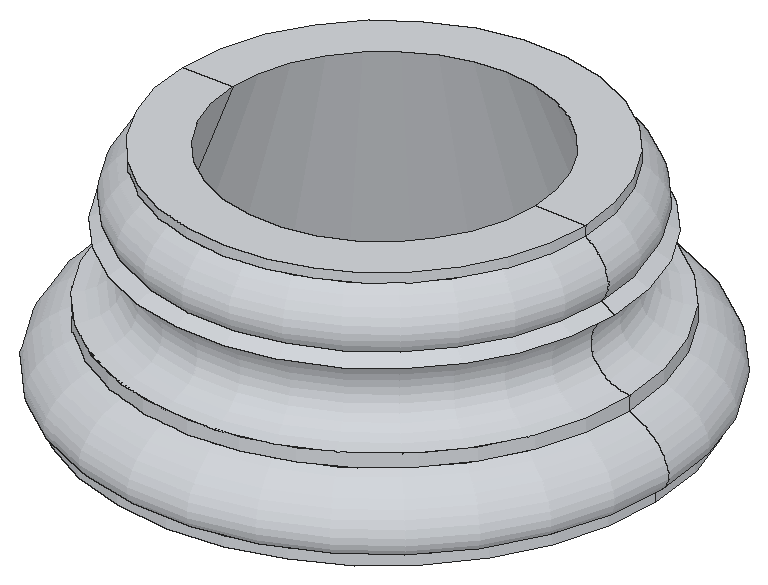
Revit family "OracDecor_K1152", category Обобщенные модели, Revit 2019
Family settings
  Может служить основой для арматурных стержней = Нет
  Размер круглого соединителя = Использовать диаметр
  Тип детали = Нормальный
  На основе рабочей плоскости = Нет
  Всегда вертикально = Да
  При загрузке вырезать с полостями = Нет
  Общий = Нет
  Точка расчета площади = Нет
Parameters
  Изготовитель = "Family from POCHERTEAM"  # constant formula
  URL = "t.me/pocherteam"
Reference planes
  plane 1 "По центру (Вперед/Назад)": y = 0
  plane 2: z = 0
  plane 3 "По центру (Влево/Вправо)": x = 0
Forms (mm)
  Revolve 1, solid
    sketch origin (0, -160, 0) x (1, 0, 0) y (0, 0, 1)
      loop
        line (7.5, 0) -> (160, 0) -> (160, 125) -> (47, 125) -> (47, 119.905)
        spline (47, 119.905) -> (43.979, 117.136) -> (41.37, 114.424) -> (39.172, 111.769) -> (37.386, 109.171) -> (36.011, 106.63) -> (35.047, 104.147) -> (34.495, 101.72) -> (34.354, 99.351) -> (34.625, 97.038) -> (35.307, 94.783) -> (36.401, 92.585) -> (37.906, 90.444)
        line (37.906, 90.444) -> (30.5, 86)
        spline (30.5, 86) -> (34.742, 83.516) -> (38.242, 80.446) -> (40.954, 76.928) -> (42.833, 73.1) -> (43.835, 69.103) -> (43.914, 65.073) -> (43.026, 61.151) -> (41.125, 57.474) -> (38.167, 54.182) -> (34.107, 51.413) -> (28.9, 49.305) -> (22.5, 47.998)
        line (22.5, 47.998) -> (22.5, 40.739)
        spline (22.5, 40.739) -> (18.072, 38.623) -> (13.964, 36.026) -> (10.251, 33.048) -> (7.012, 29.791) -> (4.326, 26.354) -> (2.269, 22.839) -> (0.919, 19.344) -> (0.354, 15.972) -> (0.652, 12.822) -> (1.891, 9.994) -> (4.147, 7.589) -> (7.5, 5.707)
        line (7.5, 5.707) -> (7.5, 0)
      axis (160, 0) -> (160, 125)
    angle from 0 to 360
  Blend 2, void
    base sketch origin (0, 0, 0) x (1, 0, 0) y (0, 1, 0)
      loop
        circle (160, -160) r 135.5
    top sketch origin (0, 0, 0) x (1, 0, 0) y (0, 1, 0)
      loop
        circle (160, -160) r 85
    from 0 to 125
Cuts and joins
  Blend 2 cuts Revolve 1
Dimensions and locks
  Revolve 1 to level = 125 mm
  Revolve 1 to Revolve 1 = 305 mm
  aligned and locked: level to plane 2
